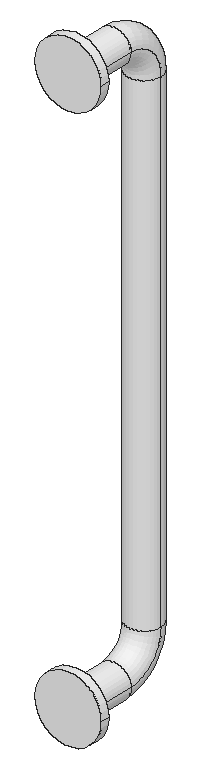
Revit family
Parameters (values of type "2D Disabled Toilet")
  Material SanitaryWare = Metal - White powder coated
  Assembly Code = ""
Reference planes
  plane 1 "Center (Front/Back)": y = 0
  plane 2: z = 0
  plane 3: x = -855.796
  plane 4: z = 680
  plane 5: z = 530
  plane 6: z = 594.133
  plane 7: through (0, 227.13, 594.133) normal (0, 0.6428, 0.766)
  plane 8: z = 800
  plane 9: z = 1400
  plane 10: y = 100
  plane 11: y = 10
Forms (mm)
  Sweep 1, solid, material "Metal - White powder coated" <- "Material SanitaryWare"
    path origin (-855.796, 721.997, 4000) x (0, 1, 0) y (0, 0, 1)
      loop
        line (-711.997, -2600) -> (-661.997, -2600)
        arc (-661.997, -2600) -> (-633.713, -2611.716) -> (-621.997, -2640) r 40
        line (-621.997, -2640) -> (-621.997, -3160)
        arc (-621.997, -3160) -> (-633.713, -3188.284) -> (-661.997, -3200) r 40
        line (-661.997, -3200) -> (-711.997, -3200)
    profile origin (-855.796, 35, 1400) x (0, 0, 1) y (1, 0, 0)
      loop
        circle (0, 0) r 18
  Extrusion 2, solid, material "Metal - White powder coated" <- "Material SanitaryWare"
    sketch origin (0, 0, 0) x (1, 0, 0) y (0, 0, 1)
      loop
        circle (-855.796, 1400) r 35
      loop
        circle (-855.796, 800) r 35
    from 0 to -10
Dimensions and locks
  plane 1 "Center (Front/Back)" to plane 11 to plane 10 = 10 mm locked, 90 mm locked
  aligned and locked: Extrusion 2 to Sweep 1
  aligned and locked: plane 1 "Center (Front/Back)" to Extrusion 2
